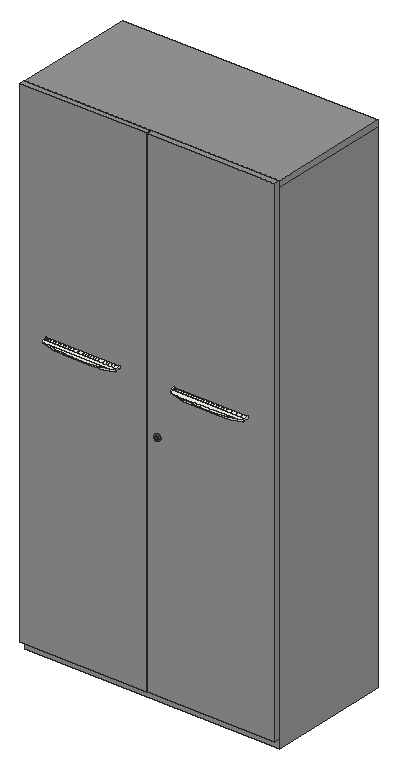
Revit family "Haworth_MSeries_Storage_SwingDoor_AP_PRELIMINARY", category Furniture Systems, Revit 2019
Family settings
  Round Connector Dimension = Use Diameter
  Part Type = Normal
  OmniClass Number = 23.40.70.14.64.21
  OmniClass Title = Systems Furniture
  Work Plane-Based = No
  Always vertical = Yes
  Cut with Voids When Loaded = No
  Shared = No
  Room Calculation Point = No
Parameters (values of type "900w 1800h")
  with Pull = not(Front Recess Pull)  # yes
  Width = 900 mm
  Warranty = "http://www.haworth.com/resources/product-info/warranties"
  URL - Product = "https://www.haworth.com/ap/en/products/office-drawers/m-series.html"
  Two Drawer = not(Three Drawer)  # no
  Tutti Pull = no
  Trim Finish = Haworth _ Polymer _ Black
  Touch Latch = Front Recess Pull  # no
  Total Drawer Height = Actual Height - Bottom Case Offset  # 1770 mm
  Top Drawer Height = if(Attached 2Hi, 332.5 mm, if(Freestanding 2Hi, 370 mm, 370 mm))  # 370 mm
  Three Drawer = Actual Height > 800 mm  # yes
  Pull Premise Height = if(Attached 2Hi, 650 mm, if(Freestanding 2Hi, 730 mm, if(Freestanding 3Hi, 850 mm, 1000 mm)))  # 1000 mm
  Pull Finish = Haworth _ Paint _ Smooth Plaster
  Pull Tutti Height = if(Attached 2Hi, 600 mm, if(Freestanding 2Hi, 700 mm, if(Freestanding 3Hi, 850 mm, 1200 mm)))  # 1200 mm
  Premise Pull = yes
  Model = "STMSSXXN"  # constant formula
  Min. Width = 750 mm  # constant formula
  Middle Drawer Height = if(Attached 2Hi, 0 mm, if(Freestanding 2Hi, 0 mm, 370 mm))  # 370 mm
  Max. Width = 900 mm  # constant formula
  Lock Offset Top = if(Attached 2Hi, 50 mm, if(Freestanding 2Hi, 50 mm, if(Freestanding 3Hi, 500 mm, 950 mm)))  # 950 mm
  Lock Offset Side = Drawer Width - 35 mm  # 413 mm
  Lock Finish = Haworth _ Polymer _ Black
  Glide Finish = Haworth _ Polymer _ Black
  Front Recess Pull = not(or(Tutti Pull, Premise Pull))  # no
  Front Finish [instance] = Haworth _ Laminate _ Undecided _ Storage
  Freestanding 5Hi = yes
  Freestanding 3Hi = no
  Freestanding 2Hi = not(or(Freestanding 5Hi, Attached 2Hi, Freestanding 3Hi))  # no
  Drawer Width = Actual Width / 2 - 2 mm  # 448 mm
  Distance Between Drawer = 2 mm  # constant formula
  Description = "Haworth - M Series - Storage - Swing Door"  # constant formula
  URL = "https://www.haworth.com/ap/en.html"
  Size = "Verify Final Dim. w/ Haworth"  # constant formula
  Revision Number = "1"  # constant formula
  Manufacturer = "Haworth"  # constant formula
  Case Thickness = 20 mm  # constant formula
  Cabinet Finish [instance] = Haworth _ Laminate _ Undecided _ Storage
  Bottom Drawer Height = if(Attached 2Hi, 330 mm, if(Freestanding 2Hi, 370 mm, 366 mm))  # 366 mm
  Bottom Case Offset = 30 mm  # constant formula
  Author = "Haworth (Abd Rahman)"  # constant formula
  Attached 2Hi = no
  Assembly Code = "E2020200"
  Actual Width = if(Width > Max. Width, Max. Width, if(Width < Min. Width, Min. Width, Width))  # 900 mm
  Actual Height = if(Attached 2Hi, 695 mm, if(Freestanding 2Hi, 775 mm, if(Freestanding 3Hi, 1140 mm, 1800 mm)))  # 1800 mm
  Actual Depth = 450 mm  # constant formula
Types (4, lengths in mm): name | with Pull | Width | Two Drawer | Tutti Pull | Touch Latch | Total Drawer Height | Top Drawer Height | Three Drawer | Pull Premise Height | Pull Tutti Height | Premise Pull | Middle Drawer Height | Lock Offset Top | Lock Offset Side | Front Recess Pull | Freestanding 5Hi | Freestanding 3Hi | Freestanding 2Hi | Drawer Width | Bottom Drawer Height | Attached 2Hi | Actual Width | Actual Height
  750w 695h | yes | 750 | yes | no | no | 665 | 332.5 | no | 650 | 600 | yes | 0 | 50 | 338 | no | no | no | no | 373 | 330 | yes | 750 | 695
  800w 775h | yes | 800 | yes | yes | no | 745 | 370 | no | 730 | 700 | no | 0 | 50 | 363 | no | no | no | yes | 398 | 370 | no | 800 | 775
  900w 1140h | no | 900 | no | no | yes | 1110 | 370 | yes | 850 | 850 | no | 370 | 500 | 413 | yes | no | yes | no | 448 | 366 | no | 900 | 1140
  900w 1800h | yes | 900 | no | no | no | 1770 | 370 | yes | 1000 | 1200 | yes | 370 | 950 | 413 | no | yes | no | no | 448 | 366 | no | 900 | 1800
Reference planes
  plane 1 "Center F/B": y = -185.38
  plane 2: z = 0
  plane 3 "Top": z = 1800
  plane 4: x = 20.328
  plane 5: z = 1780
  plane 6: x = -429.672
  plane 7: y = 39.62
  plane 8: y = -410.38
  plane 9 "Right": x = 470.328
  plane 10: z = 30
  plane 11: y = -395.38
  plane 12: x = -419.672
  plane 13: y = 29.62
  plane 14: x = 460.328
  plane 15: y = -385.38
  plane 16: z = 1430
  plane 17: z = 1058
  plane 18: z = 1056
  plane 19: z = 1428
  plane 20: z = 1803
Forms (mm)
  Extrusion 1, solid, material "Haworth _ Polymer _ Black" <- "Glide Finish"
    sketch origin (40.656, -370.76, 0) x (-1, 0, 0) y (0, -1, 0)
      loop
        circle (424.548, -17.932) r 12.626
      loop
        circle (424.548, -352.828) r 12.626
      loop
        circle (-383.892, -352.828) r 12.626
      loop
        circle (-383.892, -17.932) r 12.626
    from 0 to 4.695
  Extrusion 2, solid, material "Haworth _ Polymer _ Black" <- "Glide Finish"
    sketch origin (40.656, -370.76, 0) x (-1, 0, 0) y (0, -1, 0)
      loop
        circle (424.484, -18.044) r 8.072
      loop
        circle (424.484, -352.717) r 8.072
      loop
        circle (-383.828, -18.044) r 8.072
      loop
        circle (-383.828, -352.717) r 8.072
    from 4.695 to 6.195
  Extrusion 3, solid, material "Haworth _ Polymer _ Black" <- "Glide Finish"
    sketch origin (40.656, -370.76, 0) x (-1, 0, 0) y (0, -1, 0)
      loop
        circle (424.407, -18.122) r 7
      loop
        circle (424.407, -352.638) r 7
      loop
        circle (-383.751, -18.122) r 7
      loop
        circle (-383.751, -352.638) r 7
    from 6.195 to 11.255
  Extrusion 4, solid, material "Haworth _ Polymer _ Black" <- "Glide Finish"
    sketch origin (40.656, -370.76, 0) x (-1, 0, 0) y (0, -1, 0)
      loop
        circle (424.454, -18.07) r 4.781
      loop
        circle (424.454, -352.69) r 4.781
      loop
        circle (-383.798, -18.07) r 4.781
      loop
        circle (-383.798, -352.69) r 4.781
    from 11.255 to 19.525
  Extrusion 5, solid, material "Haworth _ Laminate _ Undecided _ Storage" <- "Cabinet Finish"
    sketch origin (0, 0, 0) x (1, 0, 0) y (0, 1, 0)
      loop
        line (-429.672, 39.62) -> (-429.672, -395.38) -> (470.328, -395.38) -> (470.328, 39.62) -> (-429.672, 39.62)
    from 1780 to 1800
  Extrusion 6, solid, material "Haworth _ Laminate _ Undecided _ Storage" <- "Cabinet Finish"
    sketch origin (0, 0, 0) x (1, 0, 0) y (0, 1, 0)
      loop
        line (-429.672, 39.62) -> (-429.672, -395.38) -> (470.328, -395.38) -> (470.328, 39.62) -> (-429.672, 39.62)
      loop
        line (-419.672, 29.62) -> (-419.672, -385.38) -> (460.328, -385.38) -> (460.328, 29.62) -> (-419.672, 29.62)
    from 0 to 1780
  Extrusion 7, solid, material "Haworth _ Polymer _ Black" <- "Trim Finish", visible <- "Attached 2Hi"
    sketch origin (0, 0, 0) x (1, 0, 0) y (0, 1, 0)
      loop
        circle (-343.933, -15.844) r 15
      loop
        circle (384.589, -15.844) r 15
      loop
        circle (-343.933, -354.916) r 15
      loop
        circle (384.589, -354.916) r 15
    from 1800 to 1803
Lines and regions (mm)
  Masking region 1
    outline origin (0, 0, 0) x (1, 0, 0) y (0, 1, 0)
      loop
        line (-429.672, 39.62) -> (-429.672, -410.38) -> (470.328, -410.38) -> (470.328, 39.62) -> (-429.672, 39.62)
  symbolic lines, style "Haworth", detail levels medium+fine
    curve 1: line (470.328, -410.38, 0) -> (87.806, -527.329, 0)
    curve 2: line (-429.672, -410.38, 0) -> (-47.15, -527.329, 0)
Dimensions and locks
  equal spacing: plane 7, plane 1 "Center F/B", plane 8
  "Actual Depth": plane 7 to plane 8
  "Actual Width": plane 6 to plane 9 "Right"
  equal spacing: plane 6, plane 4, plane 9 "Right"
  "Case Thickness": plane 3 "Top" to plane 5
  "Bottom Case Offset": plane 10 to level
  "Actual Height": plane 3 "Top" to level
  locked: plane 8 to plane 11 at 15
  locked: plane 6 to plane 12 at 10
  locked: plane 14 to plane 9 "Right" at 10
  locked: plane 7 to plane 13 at 10
  locked: plane 15 to plane 11 at 10
  "Distance Between Drawer": plane 17 to plane 18
  "Distance Between Drawer": plane 16 to plane 19
  "Top Drawer Height": plane 3 "Top" to plane 16
  "Middle Drawer Height": plane 19 to plane 17
  locked: plane 6 to Extrusion 7 sketch curve at 85.739  (x2)
  locked: Extrusion 7 sketch curve to plane 9 "Right" at 85.739
  Extrusion 7 sketch curve to plane 9 "Right" = 85.739 mm
  locked: Extrusion 7 sketch curve to plane 8 at 55.464  (x2)
  locked: plane 7 to Extrusion 7 sketch curve at 55.464  (x2)
  locked: plane 20 to plane 3 "Top" at 3
  locked: nested 2 to Extrusion 1 sketch curve at 45.78
  locked: plane 11 to Extrusion 1 sketch curve at 42.552
  locked: plane 6 to Extrusion 3 sketch curve at 45.921  (x2)
  locked: Extrusion 3 sketch curve to plane 8 at 57.742  (x2)
  locked: plane 6 to Extrusion 2 sketch curve at 45.844  (x2)
  locked: Extrusion 2 sketch curve to plane 8 at 57.663  (x2)
  locked: plane 6 to Extrusion 4 sketch curve at 45.874  (x2)
  locked: Extrusion 4 sketch curve to plane 8 at 57.69  (x2)
  Extrusion 4 to Extrusion 3 to Extrusion 2 to Extrusion 1 to plane 2 = 8.27 mm locked, 5.06 mm locked, 1.5 mm locked, 4.695 mm locked
  locked: plane 6 to Extrusion 1 sketch curve at 45.78
  locked: plane 7 to Extrusion 1 sketch curve at 57.552  (x2)
  locked: Extrusion 1 sketch curve to plane 9 "Right" at 45.78  (x2)
  locked: Extrusion 1 sketch curve to plane 8 at 57.552
  locked: plane 7 to Extrusion 2 sketch curve at 57.663  (x2)
  locked: Extrusion 2 sketch curve to plane 9 "Right" at 45.844  (x2)
  locked: plane 7 to Extrusion 3 sketch curve at 57.742  (x2)
  locked: Extrusion 3 sketch curve to plane 9 "Right" at 45.921  (x2)
  locked: plane 7 to Extrusion 4 sketch curve at 57.69  (x2)
  locked: Extrusion 4 sketch curve to plane 9 "Right" at 45.874  (x2)
  aligned and locked: plane 3 "Top" to Extrusion 5
  aligned and locked: Extrusion 5 to plane 5
  aligned and locked: Extrusion 5 sketch curve to plane 11
  aligned and locked: plane 6 to Extrusion 5 sketch curve
  aligned and locked: plane 9 "Right" to Extrusion 5 sketch curve
  aligned and locked: Extrusion 5 sketch curve to plane 7
  aligned and locked: plane 6 to Extrusion 6 sketch curve
  aligned and locked: Extrusion 6 sketch curve to plane 7
  aligned and locked: plane 9 "Right" to Extrusion 6 sketch curve
  aligned and locked: Extrusion 6 sketch curve to plane 11
  aligned and locked: plane 14 to Extrusion 6 sketch curve
  aligned and locked: plane 13 to Extrusion 6 sketch curve
  aligned and locked: Extrusion 6 sketch curve to plane 12
  aligned and locked: Extrusion 6 sketch curve to plane 15
  aligned and locked: plane 5 to Extrusion 6
  aligned and locked: Extrusion 6 to level
  aligned and locked: plane 20 to Extrusion 7
  aligned and locked: Extrusion 7 to plane 3 "Top"
  aligned and locked: plane 3 "Top" to nested 1
  aligned and locked: plane 9 "Right" to nested 1
  aligned and locked: nested 2 to plane 6
  aligned and locked: nested 2 to plane 11
  aligned and locked: plane 11 to nested 1
  aligned and locked: plane 9 "Right" to nested 4
  aligned and locked: nested 3 to plane 6
  aligned and locked: plane 3 "Top" to nested 4
  aligned and locked: plane 3 "Top" to nested 3
  aligned and locked: plane 11 to nested 4
  aligned and locked: plane 11 to nested 3
Automatic sketch dimensions
  Masking region 1 sketch curve to plane 6 = 0 mm
  Masking region 1 sketch curve to plane 9 "Right" = 0 mm
  Masking region 1 sketch curve to plane 7 = 0 mm
  plane 8 to Masking region 1 sketch curve = 0 mm
  curve 2 to plane 6 = 0 mm
  curve 1 to plane 8 = 0 mm
  curve 1 to plane 9 "Right" = 0 mm
  curve 2 to plane 8 = 0 mm
  plane 4 to curve 2 = 67.478 mm
  curve 1 to plane 4 = 67.478 mm
  curve 2 to plane 8 = 116.949 mm
  curve 1 to plane 8 = 116.949 mm
  radius of Extrusion 7 sketch curve = 15 mm  (x4)
  radius of Extrusion 1 sketch curve = 12.626 mm  (x4)
  radius of Extrusion 2 sketch curve = 8.072 mm  (x4)
  radius of Extrusion 3 sketch curve = 7 mm  (x4)
  radius of Extrusion 4 sketch curve = 4.781 mm  (x4)
Nested families
  nested 1: "Haworth_Door-Panel_Swing" at (276.305, -405.673, 30) x (-1, 0, 0) z (0, 0, 1), visible <- "Touch Latch", type "Door - Right"
    with Finger Pull Location 3.81 mm, Finger Pull no, Pull Height Centerline 500 mm, Door Width 448 mm, Door Height 1770 mm
  nested 2: "Haworth_Door-Panel_Swing" at (-175.695, -404.137, 30) x (-1, 0, 0) z (0, 0, 1), visible <- "Front Recess Pull", type "Door"
    with Finger Pull Location 3.81 mm, Finger Pull no, Pull Height Centerline 500 mm, Door Width 448 mm, Door Height 1770 mm
  nested 3: "Haworth_MSeries_Drawer_PART" at (-205.672, -388.722, 30), Drawer Height <- "Total Drawer Height", type "Haworth_Drawer - Without Lock"
    with Pull Height 262.731 mm, Drawer Height 1770 mm, Pull Linear Height 1200 mm, Pull Ellipse Height 1000 mm, Lock Offset Top 950 mm, Lock Offset Side 413 mm, Linear Pull no, Drawer Width 448 mm, Linear Pull Length 250 mm
  nested 4: "Haworth_MSeries_Drawer_PART" at (246.328, -388.722, 30), Drawer Height <- "Total Drawer Height", type "Haworth_Drawer"
    with Pull Height 262.731 mm, Drawer Height 1770 mm, With Lock yes, Side Recess no, Pull Linear Height 1200 mm, Pull Ellipse Height 1000 mm, Lock Offset Top 950 mm, Lock Offset Side 413 mm, Linear Pull no, Drawer Width 448 mm, Linear Pull Length 250 mm
Definition of nested family "Haworth_Door-Panel_Swing"
  Parameters (values of type "Door")
    URL = "www.haworth.com"
    Touch Latch = no
    Taper Pull Act = and(Taper Pull, not(Touch Latch))  # no
    Taper Pull = no
    Revision Number = "1"  # constant formula
    Revision Date = ""
    Radius Pull Act = and(Radius Pull, not(Touch Latch))  # no
    Radius Pull = no
    Pull Offset = 38.1 mm
    Linear Pull Act = and(Linear Pull, not(Touch Latch))  # no
    Linear Pull = no
    Front Finish = none
    Finger Pull Location = if(Finger Pull, Door Height + 6.35 mm, 3.81 mm)  # 463.55 mm
    Finger Pull = yes
    Ellipse Pull = no
    Elipse Pull Act = and(Ellipse Pull, not(Touch Latch))  # no
    Door Pull Location = 25.4 mm
    Door Pull Finish = none
    Crescent Pull Act = and(Crescent Pull, not(Touch Latch))  # no
    Crescent Pull = no
    Classic Pull Act = and(Classic Pull, not(Touch Latch))  # no
    Bar Pull Length = 203.2 mm
    Bar Pull Act = and(Bar Pull, not(Touch Latch))  # no
    Bar Pull = no
    Classic Pull = no
    Assembly Code = ""
    Pull Offset Centerline = if(Taper Pull Act, 7.145 mm, if(Elipse Pull Act, 4.366 mm, 36.513 mm))  # 36.513 mm
    Pull Height Centerline = 228.6 mm
    Door Width = 455.613 mm
    Door Height = 457.2 mm
    Door Finish = none
    Door Depth = 19.05 mm
    Manufacturer = "Haworth"  # constant formula
    Author = "SHAPE Environments, LLC"  # constant formula
  Reference planes
    plane 1 "Center F/B": y = -0.768
    plane 2: z = 0
    plane 3 "Center L/R": x = 29.977
    plane 4 "Left": x = -197.829
    plane 5 "Right": x = 257.783
    plane 6 "Back": y = 8.757
    plane 7 "Front": y = -10.293
    plane 8 "Top": z = 457.2
    plane 9 "Pull Offset": x = -161.317
    plane 10 "Pull Height": z = 228.6
    plane 11 "Finger Pull Top": z = 457.2
    plane 12 "Finger Pull Bottom": z = -6.35
  Forms (mm)
    Extrusion 1, solid, material <- "Door Finish"
      sketch origin (0, -0.768, 0) x (1, 0, 0) y (0, 0, 1)
        loop
          line (-197.829, 457.2) -> (-197.829, 0) -> (257.783, 0) -> (257.783, 457.2) -> (-197.829, 457.2)
      from -9.525 to 9.525
    Extrusion 2, void
      sketch origin (0, 0, 0) x (1, 0, 0) y (0, 1, 0)
        loop
          line (-197.829, -10.293) -> (-143.458, -10.293) -> (-143.458, 5.582) -> (-197.829, 5.582) -> (-197.829, -10.293)
      from -6.35 to 457.2
  Cuts and joins
    Extrusion 2 cuts Extrusion 1
  Lines and regions (mm)
    Masking region 1
      outline origin (0, 0, 0) x (1, 0, 0) y (0, 1, 0)
        loop
          line (-197.829, 8.757) -> (-197.829, -10.293) -> (257.783, -10.293) -> (257.783, 8.757) -> (-197.829, 8.757)
    symbolic lines, detail levels fine
      curve 1: line (-197.829, -10.293, 457.2) -> (257.783, -10.293, 228.6)
      curve 2: line (257.783, -10.293, 228.6) -> (-197.829, -10.293, 0)
    symbolic lines, detail levels medium+fine
      curve 3: line (257.783, -10.293, 0) -> (-153.17, -120.408, 0)
  Dimensions and locks
    "Door Height": plane 8 "Top" to level
    equal spacing: plane 6 "Back", plane 1 "Center F/B", plane 7 "Front"
    "Door Depth": plane 6 "Back" to plane 7 "Front"
    equal spacing: plane 4 "Left", plane 3 "Center L/R", plane 5 "Right"
    "Door Width": plane 4 "Left" to plane 5 "Right"
    "Pull Offset Centerline": plane 9 "Pull Offset" to plane 4 "Left"
    "Pull Height Centerline": plane 10 "Pull Height" to level
    equal spacing: plane 8 "Top", curve 2, plane 2
    "Finger Pull Location": plane 11 "Finger Pull Top" to plane 12 "Finger Pull Bottom"
    locked: plane 2 to plane 12 "Finger Pull Bottom" at 6.35
    aligned and locked: plane 4 "Left" to Extrusion 1 sketch curve
    aligned and locked: Extrusion 1 sketch curve to plane 5 "Right"
    aligned and locked: Extrusion 1 sketch curve to plane 8 "Top"
    aligned and locked: level to Extrusion 1 sketch curve
    aligned and locked: plane 6 "Back" to Extrusion 1
    aligned and locked: Extrusion 1 to plane 7 "Front"
    aligned and locked: Extrusion 1 to plane 4 "Left"
    aligned and locked: Extrusion 2 to plane 12 "Finger Pull Bottom"
    aligned and locked: plane 11 "Finger Pull Top" to Extrusion 2
    aligned and locked: plane 9 "Pull Offset" to nested 1
    aligned and locked: nested 1 to plane 10 "Pull Height"
    aligned and locked: plane 7 "Front" to nested 1
  Automatic sketch dimensions
    Masking region 1 sketch curve to plane 5 "Right" = 0 mm
    curve 1 to plane 5 "Right" = 0 mm
    curve 1 to plane 4 "Left" = 0 mm
    curve 2 to level = 0 mm
    curve 2 to plane 4 "Left" = 0 mm
    curve 1 to plane 8 "Top" = 0 mm
    Masking region 1 sketch curve to plane 4 "Left" = 0 mm
    Masking region 1 sketch curve to plane 7 "Front" = 0 mm
    Masking region 1 sketch curve to plane 6 "Back" = 0 mm
    Extrusion 2 sketch curve to plane 4 "Left" = 0 mm
    Extrusion 2 sketch curve to plane 7 "Front" = 0 mm
    Extrusion 2 sketch curve to plane 6 "Back" = 3.175 mm
    plane 9 "Pull Offset" to Extrusion 2 sketch curve = 17.859 mm
    curve 3 to plane 5 "Right" = 0 mm
    curve 3 to plane 7 "Front" = 0 mm
    plane 9 "Pull Offset" to curve 3 = 8.147 mm
    curve 3 to plane 7 "Front" = 110.115 mm
  Nested families
    nested 1: "Haworth_Door-Pulls" at (-193.908, -9.525, 228.6) x (-1, 0, 0) z (0, 0, 1), type "Pull", detail levels medium+fine
      with Radius no, Linear no, Ellipse no, Cresent no, Classic no, Bar Pull no
Definition of nested family "Haworth_MSeries_Drawer_PART"
  Parameters (values of type "Haworth_Drawer - Without Lock")
    with Pull = yes
    With Lock = no
    Wing Pull Length = 211.138 mm
    Wing Pull = no
    Warranty = "http://www.haworth.com/resources/product-info/warranties"
    URL - Product = ""
    URL = "www.haworth.com"
    Trim Finish = none
    Touch Latch = no
    Side Recess = no
    Revision Number = "1"  # constant formula
    Pull Linear Height = 186.531 mm
    Pull Height [instance] = 262.731 mm
    Pull Finish = none
    Pull Ellipse Height = 262.731 mm
    Note = "Verify Final Dim. w/ Haworth"  # constant formula
    Model = "Haworth Be_Hold"  # constant formula
    Manufacturer = "Haworth"  # constant formula
    Lock Offset Top = 150 mm
    Lock Offset Side = 450 mm
    Linear Pull = yes
    Front Recess = no
    Front Finish = none
    Front Edge Finish = none
    Ellipse Pull = yes
    Drawer Width = 900 mm
    Drawer Height [instance] = 304.8 mm
    Description = "Haworth - Be_Hold - Drawer"
    Cresent Pull = no
    Classic Pull Length = 4.4 mm
    Classic Pull = no
    Blade Pull Length = 390.413 mm
    Blade Pull = no
    Linear Pull Length = 200 mm
    Author = "Haworth (Alias)"  # constant formula
    Assembly Code = ""
  Types (2, lengths in mm): name | Side Recess
    Haworth_Drawer | yes
    Haworth_Drawer - Without Lock | no
  Reference planes
    plane 1 "Drawer Back": y = -6.658
    plane 2: z = 0
    plane 3 "Center L/R": x = 0
    plane 4 "Drawer Front": y = -28.883
    plane 5 "Left": x = -450
    plane 6 "Right": x = 450
    plane 7 "Top": z = 304.8
    plane 8 "Hardware Start": y = -9.833
    plane 9 "Lock Side": x = 0
    plane 10 "Lock Horizontal": z = 154.8
    plane 11 "2": z = 177.025
    plane 12: z = 186.531
    plane 13: z = 262.731
  Forms (mm)
    Extrusion 1, solid, material <- "Front Finish", visible <- "with Pull"
      sketch origin (0, -28.883, 0) x (-1, 0, 0) y (0, 0, 1)
        loop
          line (-450, 304.8) -> (-450, 0) -> (450, 0) -> (450, 304.8) -> (-450, 304.8)
      from 0 to 19.05
    Revolve 2, solid, material <- "Trim Finish", visible <- "With Lock"
      sketch origin (0, 0, 154.8) x (-1, 0, 0) y (0, -1, 0)
        loop
          line (0, 28.883) -> (0, 32.057) -> (-7.939, 32.057)
          arc (-7.939, 32.057) -> (-10.184, 31.128) -> (-11.113, 28.883) r 3.174
          line (-11.113, 28.883) -> (0, 28.883)
        axis (0, 28.883) -> (0, 32.057)
      angle from 0 to 360
  Lines and regions (mm)
    Masking region 1
      outline origin (0, 0, 154.8) x (-1, 0, 0) y (0, -1, 0)
        loop
          line (450, 9.833) -> (450, 28.883) -> (-450, 28.883) -> (-450, 9.833) -> (450, 9.833)
  Dimensions and locks
    equal spacing: plane 5 "Left", plane 3 "Center L/R", plane 6 "Right"
    "Drawer Width": plane 5 "Left" to plane 6 "Right"
    "Drawer Height": plane 7 "Top" to level
    locked: plane 1 "Drawer Back" to plane 8 "Hardware Start" at 3.175
    plane 4 "Drawer Front" to plane 1 "Drawer Back" = 22.225 mm
    plane 4 "Drawer Front" to plane 8 "Hardware Start" = 19.05 mm
    "Lock Offset Side": plane 9 "Lock Side" to plane 6 "Right"
    "Lock Offset Top": plane 7 "Top" to plane 10 "Lock Horizontal"
    locked: Revolve 2 sketch curve to plane 4 "Drawer Front" at 3.174
    locked: plane 9 "Lock Side" to Revolve 2 sketch curve at 11.113
    locked: plane 11 "2" to plane 10 "Lock Horizontal" at 22.225
    "Pull Linear Height": plane 12 to level
    "Pull Ellipse Height": plane 13 to plane 2
    aligned and locked: Extrusion 1 sketch curve to plane 6 "Right"
    aligned and locked: Extrusion 1 sketch curve to plane 7 "Top"
    aligned and locked: Extrusion 1 sketch curve to plane 5 "Left"
    aligned and locked: Extrusion 1 sketch curve to plane 2
    aligned and locked: Extrusion 1 to plane 8 "Hardware Start"
    aligned and locked: Extrusion 1 to plane 4 "Drawer Front"
    aligned and locked: plane 9 "Lock Side" to Revolve 2 sketch curve  (x2)
    aligned and locked: Revolve 2 sketch curve to plane 4 "Drawer Front"
    aligned and locked: plane 3 "Center L/R" to nested 1
    aligned and locked: nested 1 to plane 4 "Drawer Front"
    aligned and locked: plane 6 "Right" to Masking region 1 sketch curve
    aligned and locked: Masking region 1 sketch curve to plane 8 "Hardware Start"
    aligned and locked: plane 4 "Drawer Front" to Masking region 1 sketch curve
    aligned and locked: plane 5 "Left" to Masking region 1 sketch curve
    aligned and locked: nested 2 to plane 8 "Hardware Start"
    aligned and locked: nested 2 to plane 3 "Center L/R"
    aligned and locked: plane 12 to nested 1
    aligned and locked: plane 13 to nested 3
  Automatic sketch dimensions
    plane 8 "Hardware Start" to Revolve 2 sketch curve = 5.061 mm
    Revolve 2 sketch curve to Revolve 2 sketch curve = 10.541 mm
  Nested families
    nested 1: "Haworth_Drawer-Pulls_PART" at (0, -28.883, 186.531), built-in parameter 1001364 <- "Pull Height", visible <- "Linear Pull", type "Pull"
    nested 2: "Haworth_Door-Panel_FrontRecess-Swing" at (29.977, -20.126, 0) x (-1, 0, 0) z (0, 0, 1), visible <- "Front Recess", type "Door"
      with with Lock yes, Finger Pull Location 3.81 mm, Finger Pull no, Door Width 900 mm
    nested 3: "Haworth_Drawer-Pulls" at (0, -28.883, 258.689), visible <- "Ellipse Pull", type "Pull"
  Definition of nested family "Haworth_Drawer-Pulls_PART"
    Parameters (values of type "Pull")
      Wing Pull Length = 211.138 mm
      Wing = no
      Warranty = "https://www.haworth.com/resources/product-info/warranties"
      URL = "https://www.haworth.com"
      Trim Finish = none
      Revision Number = "1"  # constant formula
      Model = "Haworth Be_Hold"  # constant formula
      Manufacturer = "Haworth"  # constant formula
      Linear Pull Length = 200 mm
      Linear = yes
      Description = "Haworth - Be_Hold - Pull Part"
      Cresent = no
      Classic Pull Length = 4.4 mm
      Classic = no
      Blade Pull Length = 390.413 mm
      Blade = no
      Author = "Haworth (Alias)"  # constant formula
      Assembly Code = ""
    Reference planes
      plane 1 "Center Front/Back": y = 0
      plane 2: z = 0
      plane 3 "Center Left/Right": x = 0
      plane 4 "Classic Left": x = -2.2
      plane 5 "Classic Right": x = 2.2
      plane 6 "Linear Left": x = -100
      plane 7 "Linear Right": x = 100
      plane 8 "Wing Right": x = 105.569
      plane 9 "Wing Left": x = -105.569
      plane 10 "Blade Left": x = -195.206
      plane 11 "Blade Right": x = 195.206
    Forms (mm)
      Extrusion 1, solid, material <- "Trim Finish", visible <- "Linear"
        sketch origin (0, 0, 3.175) x (1, 0, 0) y (0, 1, 0)
          loop
            line (-100, 0) -> (-100, -28.873)
            arc (-100, -28.873) -> (-99.157, -30.907) -> (-97.123, -31.75) r 2.877
            line (-97.123, -31.75) -> (97.137, -31.75)
            arc (97.137, -31.75) -> (99.161, -30.911) -> (100, -28.887) r 2.863
            line (100, -28.887) -> (100, 0) -> (74.6, 0) -> (74.6, -0.794) -> (-74.6, -0.794) -> (-74.6, 0) -> (-100, 0)
        from 0 to -6.35
      Extrusion 2, solid, material <- "Trim Finish", visible <- "Classic"
        sketch origin (0, 0, 9.525) x (1, 0, 0) y (0, 0, 1)
          loop
            line (-2.2, 0) -> (-2.2, -19.05)
            arc (-2.2, -19.05) -> (7.325, -9.525) -> (-2.2, 0) r 9.525
        from 0 to 25.4
      Extrusion 3, solid, material <- "Trim Finish", visible <- "Classic"
        sketch origin (0, 0, 9.525) x (-1, 0, 0) y (0, 0, -1)
          loop
            arc (-2.2, 0.034) -> (7.291, 9.525) -> (-2.2, 19.016) r 9.491
            line (-2.2, 19.016) -> (-2.2, 0.034)
        from 0 to 25.4
      Extrusion 4, solid, material <- "Trim Finish", visible <- "Classic"
        sketch origin (0, 0, 9.525) x (1, 0, 0) y (0, 0, 1)
          loop
            line (-2.2, 0) -> (-2.2, -19.05) -> (2.2, -19.05) -> (2.2, 0) -> (-2.2, 0)
        from 25.4 to 31.75
      Sweep 5, solid, material <- "Trim Finish", visible <- "Cresent"
        path origin (0, 0, 0) x (1, 0, 0) y (0, 1, 0)
          loop
            arc (-93.651, 0) -> (-0.001, -30.795) -> (93.649, 0) r 157.795
        profile origin (-0.001, -30.795, 0) x (0, 1, 0) y (0, 0, 1)
          loop
            circle (3.175, 0) r 3.175
      Sweep 6, solid, material <- "Trim Finish", visible <- "Wing"
        path origin (0, 0, 0) x (1, 0, 0) y (0, 1, 0)
          loop
            line (105.569, 0) -> (-105.569, 0)
        profile origin (0, 0, 0) x (0, -1, 0) y (0, 0, 1)
          loop
            line (0, -1.397) -> (18.146, -11.536)
            arc (18.146, -11.536) -> (21.705, -10.354) -> (20.207, -6.915) r 2.54
            line (20.207, -6.915) -> (0, 0) -> (0, -1.397)
      Extrusion 7, void
        sketch origin (0, 0, 0) x (1, 0, 0) y (0, 1, 0)
          loop
            line (-105.569, 0) -> (-105.569, -23.548) -> (-96.997, -23.548) -> (-105.569, 0)
          loop
            line (105.569, 0) -> (96.997, -23.548) -> (105.569, -23.548) -> (105.569, 0)
        from -14.628 to 0
      Sweep 8, solid, material <- "Trim Finish", visible <- "Blade"
        path origin (0, 0, 0) x (1, 0, 0) y (0, 0, 1)
          loop
            line (0, 0) -> (0, 2.381)
        profile origin (0, 0, 1.191) x (-1, 0, 0) y (0, -1, 0)
          loop
            line (195.206, -19.05) -> (195.206, 10.307)
            arc (195.206, 10.307) -> (194.273, 12.56) -> (192.02, 13.494) r 3.187
            line (192.02, 13.494) -> (-192.028, 13.494)
            arc (-192.028, 13.494) -> (-194.275, 12.563) -> (-195.206, 10.315) r 3.178
            line (-195.206, 10.315) -> (-195.206, -19.05) -> (195.206, -19.05)
      Extrusion 9, void
        sketch origin (0, 0, 0) x (1, 0, 0) y (0, 1, 0)
          loop
            line (-97.42, 0) -> (-97.42, -26.789)
            arc (-97.42, -26.789) -> (-96.665, -28.613) -> (-94.841, -29.369) r 2.58
            line (-94.841, -29.369) -> (94.852, -29.369)
            arc (94.852, -29.369) -> (96.676, -28.613) -> (97.432, -26.789) r 2.58
            line (97.432, -26.789) -> (97.432, 0) -> (-97.42, 0)
        from 1.279 to 10.938
      Extrusion 10, void
        sketch origin (0, 0, 0) x (0, -1, 0) y (1, 0, 0)
          loop
            line (0, -97.42) -> (26.789, -97.42)
            arc (26.789, -97.42) -> (28.613, -96.665) -> (29.369, -94.841) r 2.58
            line (29.369, -94.841) -> (29.369, 94.852)
            arc (29.369, 94.852) -> (28.613, 96.676) -> (26.789, 97.432) r 2.58
            line (26.789, 97.432) -> (0, 97.432) -> (0, -97.42)
        from 0.932 to -20.785
    Cuts and joins
      Extrusion 9 cuts Extrusion 2
      Extrusion 9, Extrusion 10 cuts Extrusion 3
      Extrusion 7, Extrusion 9 cuts Extrusion 4
      joined: Extrusion 2, Extrusion 3, Extrusion 4
      Extrusion 7 cuts Sweep 6
      Extrusion 9, Extrusion 10 cuts Extrusion 1
      Extrusion 9, Extrusion 10 cuts Sweep 8
    Lines and regions (mm)
      symbolic lines, detail levels fine
        curve 1: line (-100, 0, 0) -> (100, 0, 0)
    Dimensions and locks
      equal spacing: plane 4 "Classic Left", plane 3 "Center Left/Right", plane 5 "Classic Right"
      "Classic Pull Length": plane 4 "Classic Left" to plane 5 "Classic Right"
      locked: Extrusion 1 sketch curve to Extrusion 1 sketch curve at 25.4  (x2)
      equal spacing: plane 6 "Linear Left", plane 3 "Center Left/Right", plane 7 "Linear Right"
      "Linear Pull Length": plane 6 "Linear Left" to plane 7 "Linear Right"
      locked: profile plane to Sweep 5 sketch curve at 3.175
      locked: plane 9 "Wing Left" to Extrusion 7 sketch curve at 8.571
      locked: Extrusion 7 sketch curve to plane 1 "Center Front/Back" at 23.548
      locked: plane 1 "Center Front/Back" to Extrusion 7 sketch curve at 23.548
      Extrusion 7 sketch curve to plane 8 "Wing Right" = 8.571 mm
      equal spacing: plane 11 "Blade Right", plane 3 "Center Left/Right", plane 10 "Blade Left"
      "Blade Pull Length": plane 11 "Blade Right" to plane 10 "Blade Left"
      locked: Sweep 8 sketch curve to plane 2 at 2.381
      locked: Sweep 8 sketch curve to plane 1 "Center Front/Back" at 19.05
      locked: Sweep 8 sketch curve to plane 1 "Center Front/Back" at 13.494
      equal spacing: plane 8 "Wing Right", plane 3 "Center Left/Right", plane 9 "Wing Left"
      "Wing Pull Length": plane 8 "Wing Right" to plane 9 "Wing Left"
      aligned and locked: plane 4 "Classic Left" to Extrusion 4 sketch curve
      aligned and locked: plane 5 "Classic Right" to Extrusion 4 sketch curve
      aligned and locked: plane 5 "Classic Right" to Extrusion 3 sketch curve
      aligned and locked: Extrusion 2 sketch curve to plane 4 "Classic Left"
      aligned and locked: Extrusion 1 sketch curve to plane 7 "Linear Right"
      aligned and locked: Extrusion 1 sketch curve to plane 6 "Linear Left"
      aligned and locked: plane 2 to Sweep 5 sketch curve
      aligned and locked: profile plane to plane 2
      aligned and locked: Sweep 6 sketch curve to plane 1 "Center Front/Back"
      aligned and locked: plane 8 "Wing Right" to Sweep 6 sketch curve
      aligned and locked: plane 9 "Wing Left" to Sweep 6 sketch curve
      aligned and locked: Extrusion 7 sketch curve to plane 9 "Wing Left"
      aligned and locked: Extrusion 7 sketch curve to plane 8 "Wing Right"
      aligned and locked: plane 2 to Sweep 8 sketch curve
      aligned and locked: Sweep 8 sketch curve to plane 10 "Blade Left"
      aligned and locked: Sweep 8 sketch curve to plane 11 "Blade Right"
      aligned and locked: plane 1 "Center Front/Back" to curve 1
      aligned and locked: plane 7 "Linear Right" to curve 1
      aligned and locked: plane 6 "Linear Left" to curve 1
    Automatic sketch dimensions
      plane 1 "Center Front/Back" to Extrusion 1 sketch curve = 0 mm  (x2)
      Extrusion 1 sketch curve to Extrusion 1 sketch curve = 2.877 mm
      Extrusion 1 sketch curve to plane 7 "Linear Right" = 2.863 mm
      Extrusion 1 sketch curve to Extrusion 1 sketch curve = 0.794 mm
      Extrusion 1 sketch curve to Extrusion 1 sketch curve = 28.873 mm
      Extrusion 2 sketch curve to level = 0 mm
      Extrusion 2 sketch curve to Extrusion 2 sketch curve = 9.525 mm
      Extrusion 3 sketch curve to level = 0 mm
      level to Extrusion 3 sketch curve = 9.491 mm
      Extrusion 4 sketch curve to level = 9.525 mm
      level to Extrusion 4 sketch curve = 9.525 mm
      plane 1 "Center Front/Back" to Sweep 5 sketch curve = 0 mm  (x2)
      Sweep 5 sketch curve to plane 3 "Center Left/Right" = 0.001 mm
      Sweep 5 sketch curve to plane 1 "Center Front/Back" = 127 mm
      Sweep 5 sketch curve to plane 6 "Linear Left" = 6.349 mm
      Sweep 6 sketch curve to profile plane = 0 mm
      Sweep 6 sketch curve to level = 0 mm
      Sweep 6 sketch curve to profile plane = 18.146 mm
      Sweep 6 sketch curve to Sweep 6 sketch curve = 1.239 mm
      Sweep 6 sketch curve to level = 6.915 mm
      Sweep 6 sketch curve to Sweep 6 sketch curve = 0.822 mm
      Sweep 6 sketch curve to Sweep 6 sketch curve = 2.404 mm
      Sweep 6 sketch curve to level = 1.397 mm
      plane 1 "Center Front/Back" to Extrusion 7 sketch curve = 0 mm  (x2)
      Sweep 8 sketch curve to plane 3 "Center Left/Right" = 0 mm
      Sweep 8 sketch curve to Sweep 8 sketch curve = 3.178 mm
      Sweep 8 sketch curve to Sweep 8 sketch curve = 3.187 mm
      plane 1 "Center Front/Back" to Extrusion 9 sketch curve = 0 mm
      Extrusion 9 sketch curve to plane 6 "Linear Left" = 2.58 mm
      Extrusion 9 sketch curve to Extrusion 9 sketch curve = 2.58 mm
      Extrusion 9 sketch curve to plane 7 "Linear Right" = 5.148 mm
      Extrusion 9 sketch curve to plane 7 "Linear Right" = 2.568 mm
      plane 1 "Center Front/Back" to Extrusion 9 sketch curve = 26.789 mm
      plane 1 "Center Front/Back" to Extrusion 10 sketch curve = 0 mm
      Extrusion 10 sketch curve to plane 7 "Linear Right" = 2.568 mm
      Extrusion 10 sketch curve to Extrusion 10 sketch curve = 26.789 mm  (x2)
      Extrusion 10 sketch curve to plane 6 "Linear Left" = 2.58 mm
      Extrusion 10 sketch curve to Extrusion 10 sketch curve = 2.58 mm
      radius of Sweep 5 sketch curve = 3.175 mm
  Definition of nested family "Haworth_Door-Panel_FrontRecess-Swing"
    Parameters (values of type "Door")
      with Lock [instance] = yes
      URL = "www.haworth.com"
      Revision Number = "1"  # constant formula
      Revision Date = ""
      Pull Offset = 38.1 mm
      Lock Offset Top = 42.07 mm  # constant formula
      Lock Offset Side = 34.925 mm  # constant formula
      Linear Pull = no
      Finger Pull Location = if(Finger Pull, Door Height + 6.35 mm, 3.81 mm)  # 311.15 mm
      Finger Pull = yes
      Door Pull Location = 25.4 mm
      Door Pull Length = 203.2 mm
      Door Pull Finish = none
      Bar Pull = no
      Classic Pull = no
      Assembly Code = ""
      Pull Offset Centerline = 76.2 mm
      Pull Height Centerline = 152.4 mm
      Door Width = 392 mm
      Door Height = 304.8 mm
      Door Finish = none
      Door Depth = 19.05 mm
      Manufacturer = "Haworth"  # constant formula
      Author = "SHAPE Environments, LLC"  # constant formula
    Reference planes
      plane 1 "Center F/B": y = -0.768
      plane 2: z = 0
      plane 3 "Center L/R": x = 29.977
      plane 4 "Left": x = -166.023
      plane 5 "Right": x = 225.977
      plane 6 "Back": y = 8.757
      plane 7 "Front": y = -10.293
      plane 8 "Top": z = 304.8
      plane 9 "Pull Offset": x = 149.777
      plane 10 "Pull Height": z = 152.4
      plane 11 "Finger Pull Top": z = 304.8
      plane 12 "Finger Pull Bottom": z = -6.35
      plane 13: z = 262.73
      plane 14 "Lock": x = -131.098
    Forms (mm)
      Extrusion 1, solid, material <- "Door Finish"
        sketch origin (0, -0.768, 0) x (1, 0, 0) y (0, 0, 1)
          loop
            line (-166.023, 304.8) -> (-166.023, 0) -> (225.977, 0) -> (225.977, 304.8) -> (-166.023, 304.8)
        from -9.525 to 9.525
      Extrusion 2, void
        sketch origin (179.327, 6.856, 154.251) x (0, 0.000857, -1) y (0, -1, -0.000857)
          loop
            line (-149.15, 15.342) -> (-149.15, -0.507) -> (-144.947, -0.507) -> (-144.947, -2.611) -> (-139.546, -2.611) -> (-139.546, 15.342) -> (-149.15, 15.342)
        from -1064.355 to 1673.35
    Cuts and joins
      Extrusion 2 cuts Extrusion 1
    Lines and regions (mm)
      Masking region 1
        outline origin (0, 0, 0) x (1, 0, 0) y (0, 1, 0)
          loop
            line (-166.023, 8.757) -> (-166.023, -10.293) -> (225.977, -10.293) -> (225.977, 8.757) -> (-166.023, 8.757)
      model lines
        curve 1: line (149.777, -10.293, 0) -> (160.89, -10.293, 0)
    Dimensions and locks
      "Door Height": plane 8 "Top" to level
      equal spacing: plane 6 "Back", plane 1 "Center F/B", plane 7 "Front"
      "Door Depth": plane 6 "Back" to plane 7 "Front"
      equal spacing: plane 4 "Left", plane 3 "Center L/R", plane 5 "Right"
      "Door Width": plane 4 "Left" to plane 5 "Right"
      "Pull Height Centerline": plane 10 "Pull Height" to level
      "Finger Pull Location": plane 11 "Finger Pull Top" to plane 12 "Finger Pull Bottom"
      locked: plane 2 to plane 12 "Finger Pull Bottom" at 6.35
      "Pull Offset Centerline": plane 5 "Right" to plane 9 "Pull Offset"
      "Lock Offset Side": plane 4 "Left" to plane 14 "Lock"
      "Lock Offset Top": plane 11 "Finger Pull Top" to plane 13
      aligned and locked: plane 4 "Left" to Extrusion 1 sketch curve
      aligned and locked: Extrusion 1 sketch curve to plane 5 "Right"
      aligned and locked: Extrusion 1 sketch curve to plane 8 "Top"
      aligned and locked: level to Extrusion 1 sketch curve
      aligned and locked: plane 6 "Back" to Extrusion 1
      aligned and locked: Extrusion 1 to plane 7 "Front"
      aligned and locked: plane 9 "Pull Offset" to nested 1
      aligned and locked: plane 10 "Pull Height" to nested 1
      aligned: nested 1 to plane 7 "Front"
      aligned and locked: Extrusion 1 to plane 4 "Left"
      aligned and locked: nested 1 to plane 7 "Front"
    Automatic sketch dimensions
      curve 1 to plane 7 "Front" = 0 mm
      curve 1 to plane 9 "Pull Offset" = 0 mm
      curve 1 to curve 1 = 11.113 mm
      Masking region 1 sketch curve to plane 4 "Left" = 0 mm
      Masking region 1 sketch curve to plane 5 "Right" = 0 mm
      Masking region 1 sketch curve to plane 7 "Front" = 0 mm
      Masking region 1 sketch curve to plane 6 "Back" = 0 mm
      Extrusion 2 sketch curve to plane 8 "Top" = 1.412 mm
      plane 7 "Front" to Extrusion 2 sketch curve = 1.679 mm
      Extrusion 2 sketch curve to Extrusion 2 sketch curve = 9.604 mm
      Extrusion 2 sketch curve to Extrusion 2 sketch curve = 15.849 mm
      Extrusion 2 sketch curve to Extrusion 2 sketch curve = 2.104 mm
      Extrusion 2 sketch curve to Extrusion 2 sketch curve = 4.203 mm
    Nested families
      nested 1: "Haworth_Door-Pulls" at (182.369, -9.525, 152.4), type "Pull", detail levels medium+fine
  Definition of nested family "Haworth_Drawer-Pulls"
    Parameters (values of type "Pull")
      Taper = no
      Radius = no
      Patterns = no
      Linear = no
      Handle Finish = none
      Ellipse = yes
      Cresent = no
      Classic = no
      Assembly Code = ""
    Reference planes
      plane 1 "Center Front/Back": y = 0
      plane 2: z = 0
      plane 3 "Center Left/Right": x = 0
      plane 4: x = -130
      plane 5: x = 130
    Forms (mm)
      Extrusion 1, solid, material <- "Handle Finish", visible <- "Ellipse"
        sketch origin (0, 0, 4.043) x (0, 1, 0) y (0, 0, 1)
          loop
            arc (-0.766, 0) -> (-6.785, -0.758) -> (-12.456, -2.915) r 25.527
            arc (-12.456, -2.915) -> (-16.565, -5.616) -> (-20.062, -9.074) r 24.865
            arc (-20.062, -9.074) -> (-22.178, -12.005) -> (-23.884, -15.191) r 27.094
            arc (-23.884, -15.191) -> (-23.108, -16.801) -> (-21.479, -16.067) r 1.28
            arc (-21.479, -16.067) -> (-17.188, -9.918) -> (-11.354, -5.209) r 26.641
            arc (-11.354, -5.209) -> (-8.893, -4.088) -> (-6.314, -3.274) r 22.187
            arc (-6.314, -3.274) -> (-4.078, -3.858) -> (-2.9, -5.847) r 3.035
            arc (-2.9, -5.847) -> (-1.687, -7.045) -> (0, -6.789) r 1.902
            line (0, -6.789) -> (0, -1.296) -> (-0.766, 0)
        from -130 to 130
      Extrusion 2, void
        sketch origin (0, 0, 4.043) x (1, 0, 0) y (0, 1, 0)
          loop
            line (-165.099, 0) -> (-169.486, 0) -> (-169.486, -28.35) -> (169.486, -28.35) -> (169.486, 0) -> (165.099, 0)
            arc (165.099, 0) -> (164.23, -4.523) -> (161.849, -8.466) r 13.1
            arc (161.849, -8.466) -> (158.39, -11.305) -> (154.202, -12.881) r 13.735
            arc (154.202, -12.881) -> (116.131, -18.997) -> (77.712, -22.273) r 519.795
            arc (77.712, -22.273) -> (0, -24.137) -> (-77.712, -22.273) r 1620.476
            arc (-77.712, -22.273) -> (-116.131, -18.997) -> (-154.202, -12.881) r 519.795
            arc (-154.202, -12.881) -> (-158.39, -11.305) -> (-161.849, -8.466) r 13.735
            arc (-161.849, -8.466) -> (-164.23, -4.523) -> (-165.099, 0) r 13.1
        from 0 to -23.08
      Blend 3, solid, material <- "Handle Finish", visible <- "Radius"
        base sketch origin (0, 0, 7.938) x (0, 1, 0) y (0, 0, -1)
          loop
            line (0, 0) -> (0, 15.875) -> (-10.246, 15.875)
            arc (-10.246, 15.875) -> (-18.184, 7.938) -> (-10.246, 0) r 7.938
            line (-10.246, 0) -> (0, 0)
        top sketch origin (0, 0, 7.938) x (0, 1, 0) y (0, 0, -1)
          loop
            line (0, 0) -> (0, 15.875) -> (-19.782, 15.875)
            arc (-19.782, 15.875) -> (-27.72, 7.938) -> (-19.782, 0) r 7.938
            line (-19.782, 0) -> (0, 0)
        from -123.825 to -92.075
      Sweep 4, solid, material <- "Handle Finish", visible <- "Radius"
        path origin (0, 0, 0) x (1, 0, 0) y (0, 1, 0)
          loop
            arc (-123.825, -18.184) -> (0, -39.179) -> (123.825, -18.184) r 375.636
        profile origin (0, -39.179, 0) x (0, 1, 0) y (0, 0, 1)
          loop
            circle (7.938, 0) r 7.739
      Extrusion 5, solid, material <- "Handle Finish", visible <- "Taper"
        sketch origin (0, 0, 6.929) x (0, 1, 0) y (0, 0, 1)
          loop
            line (0, 0) -> (-22.225, 0)
            arc (-22.225, 0) -> (-24.47, -0.93) -> (-25.4, -3.175) r 3.175
            line (-25.4, -3.175) -> (-25.4, -17.78) -> (-24.609, -17.78) -> (-24.609, -3.178)
            arc (-24.609, -3.178) -> (-23.911, -1.492) -> (-22.225, -0.794) r 2.384
            line (-22.225, -0.794) -> (-0.794, -0.794) -> (-0.794, -13.462) -> (0, -13.462) -> (0, 0)
        from -166.535 to 166.535
      Extrusion 6, void
        sketch origin (0, 0, 6.929) x (1, 0, 0) y (0, 0, 1)
          loop
            arc (-132.932, -18.265) -> (-152.327, -13.323) -> (-166.993, 0.298) r 40.532
            line (-166.993, 0.298) -> (-174.239, 0.298) -> (-174.239, -25.4) -> (174.239, -25.4) -> (174.239, 0.298) -> (166.993, 0.298)
            arc (166.993, 0.298) -> (152.327, -13.323) -> (132.932, -18.265) r 40.532
            line (132.932, -18.265) -> (-132.932, -18.265)
        from 0 to 55.909
      Sweep 7, solid, material <- "Handle Finish", visible <- "Cresent"
        path origin (0, 0, 3.175) x (1, 0, 0) y (0, 1, 0)
          loop
            arc (-96.589, 1.016) -> (0, -31.75) -> (96.589, 1.016) r 158.75
        profile origin (0, -31.75, 3.175) x (0, 1, 0) y (0, 0, 1)
          loop
            circle (3.175, -3.175) r 3.175
      Extrusion 8, void
        sketch origin (0, 0, 3.175) x (1, 0, 0) y (0, 1, 0)
          loop
            line (-100.214, 0) -> (100.177, 0) -> (100.177, 8.146) -> (-100.214, 8.146) -> (-100.214, 0)
        from 0.882 to -7.228
      Extrusion 9, solid, material <- "Handle Finish", visible <- "Linear"
        sketch origin (0, 0, 3.175) x (1, 0, 0) y (0, 1, 0)
          loop
            line (-101.6, 0) -> (-101.6, -31.75) -> (101.6, -31.75) -> (101.6, 0) -> (76.2, 0) -> (76.2, -25.4) -> (-76.2, -25.4) -> (-76.2, 0) -> (-101.6, 0)
        from 0 to -6.35
      Extrusion 10, solid, material <- "Handle Finish", visible <- "Classic"
        sketch origin (0, 0, 9.525) x (1, 0, 0) y (0, 0, 1)
          loop
            line (-85.725, 0) -> (-85.725, -19.05)
            arc (-85.725, -19.05) -> (-76.2, -9.525) -> (-85.725, 0) r 9.525
        from 0 to 25.4
      Extrusion 11, solid, material <- "Handle Finish", visible <- "Classic"
        sketch origin (0, 0, 9.525) x (-1, 0, 0) y (0, 0, -1)
          loop
            arc (-85.725, 0) -> (-76.2, 9.525) -> (-85.725, 19.05) r 9.525
            line (-85.725, 19.05) -> (-85.725, 0)
        from 0 to 25.4
      Extrusion 12, solid, material <- "Handle Finish", visible <- "Classic"
        sketch origin (0, 0, 9.525) x (1, 0, 0) y (0, 0, 1)
          loop
            line (-85.725, 0) -> (-85.725, -19.05) -> (85.725, -19.05) -> (85.725, 0) -> (-85.725, 0)
        from 25.4 to 31.75
      Blend 13, solid, material <- "Handle Finish", visible <- "Radius"
        base sketch origin (0, 0, 7.938) x (0, 1, 0) y (0, 0, 1)
          loop
            line (0, 0) -> (-10.246, 0)
            arc (-10.246, 0) -> (-18.184, -7.938) -> (-10.246, -15.875) r 7.938
            line (-10.246, -15.875) -> (0, -15.875) -> (0, 0)
        top sketch origin (0, 0, 7.938) x (0, 1, 0) y (0, 0, 1)
          loop
            line (0, 0) -> (-19.782, 0)
            arc (-19.782, 0) -> (-27.72, -7.938) -> (-19.782, -15.875) r 7.938
            line (-19.782, -15.875) -> (0, -15.875) -> (0, 0)
        from -123.825 to -92.075
      Extrusion 14, solid, material <- "Handle Finish", visible <- "Patterns"
        sketch origin (0, 0, 6.929) x (0, 1, 0) y (0, 0, 1)
          loop
            line (0, 0) -> (-22.225, 0)
            arc (-22.225, 0) -> (-24.47, -0.93) -> (-25.4, -3.175) r 3.175
            line (-25.4, -3.175) -> (-25.4, -17.78) -> (-24.609, -17.78) -> (-24.609, -3.178)
            arc (-24.609, -3.178) -> (-23.911, -1.492) -> (-22.225, -0.794) r 2.384
            line (-22.225, -0.794) -> (-0.794, -0.794) -> (-0.794, -13.462) -> (0, -13.462) -> (0, 0)
        from -101.6 to 101.6
    Cuts and joins
      Extrusion 2 cuts Extrusion 1
      joined: Extrusion 10, Extrusion 11, Extrusion 12
      Extrusion 6 cuts Extrusion 5
      Extrusion 8 cuts Sweep 7
      joined: Blend 3, Sweep 4, Blend 13
